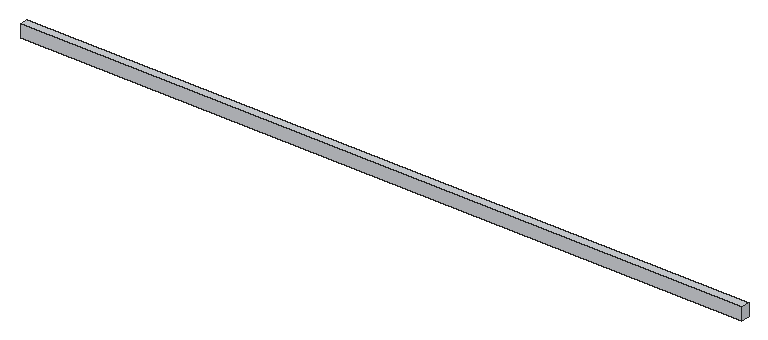
Revit family "LUMINOUS MONOCROMATICA_NF1217_UU_N", category Luminarias, Revit 2019
Family settings
  Cota de conector redondo = Diámetro de uso
  Tipo de pieza = Normal
  Se basa en plano de trabajo = Sí
  Siempre vertical = No
  Corte con vacíos al cargar = No
  Origen de luz = Sí
  Compartido = No
  Punto de cálculo de habitación = No
Parameters (values of type "LUMINOUS_NF1217N")
  Zone [instance] = ""
  Watt per fixture [instance] = (Longitud / 1000 mm) * (10.6)  # 10.6
  Wattage = 10.6 W
  built-in parameter 1150107 = 4000 (stored number, unit not read)
  Light Source Symbol Size = 609.6 mm
  built-in parameter 1150110 = 1 (stored number, unit not read)
  built-in parameter 1150109 = 1 (stored number, unit not read)
  built-in parameter 1150112 = 1 (stored number, unit not read)
  built-in parameter 1150113 = 1 (stored number, unit not read)
  built-in parameter 1114218 = 1 (stored number, unit not read)
  built-in parameter 1150137 = (empty or 0)
  built-in parameter 1150132 = (empty or 0)
  Modelo Lampara = "2835 SMD"
  Modelo = "NF1217N"
  Marca = "BRILLANT"
  Longitud de línea de emisión = 600 mm
  Longitud [instance] = 1000 mm
  built-in parameter 1150105 = 175.45 (stored number, unit not read)
  built-in parameter 1150102 = (empty or 0)
  built-in parameter 1150106 = 1.7545 (stored number, unit not read)
  Lumens = 551.2 lm
  Color Filter = 16777215
  built-in parameter 1114217 = 1 (stored number, unit not read)
  built-in parameter 1150139 = (empty or 0)
  Fabricante = "BRILLANT"
  Default Elevation = 0 mm
  built-in parameter 1150104 = 4.831 (stored number, unit not read)
  Descripción = "MANGUERA LUMINOSA DE SILICONA AMBIENTAL CON UNA POTENCIA DE 10.6W/M, USO PARA EXTERIORES IP67, IRC 80, IK 08, TEMPERATURA EN BLANCO FRIO 4000K, 520 LUMENES/M, PRESENTACION DE 5-10M, CORTE 5CM, ALIMENTADO A 24V, REQUIERE ACCESORIOS."
  built-in parameter 1150115 = 1 (stored number, unit not read)
  built-in parameter 1150114 = 1 (stored number, unit not read)
  Comentarios de vataje = "24"
  built-in parameter 1150138 = (empty or 0)
  built-in parameter 1150134 = 12
  Circuit [instance] = ""
  Dimming Lamp Color Temperature Shift = (empty or 0)
  built-in parameter 1150133 = 10 (stored number, unit not read)
Types (2, lengths in mm): name | built-in parameter 1150107 | Modelo | built-in parameter 1150105 | built-in parameter 1150106 | Lumens | built-in parameter 1150104 | Descripción | built-in parameter 1150134
  LUMINOUS_NF1217UU | 2300 (stored number, unit not read) | "NF1217UU" | 172.08 (stored number, unit not read) | 1.7208 (stored number, unit not read) | 540.6 lm | 4.7381 (stored number, unit not read) | "MANGUERA LUMINOSA DE SILICONA AMBIENTAL CON UNA POTENCIA DE 10.6W/M, USO PARA EXTERIORES IP67, IRC 80, IK 08, TEMPERATURA EN BLANCO ULTRA CALIDO 2300K, 510 LUMENES/M, PRESENTACION DE 5-10M, CORTE 5CM, ALIMENTADO A 24V, REQUIERE ACCESORIOS." | (empty or 0)
  LUMINOUS_NF1217N | 4000 (stored number, unit not read) | "NF1217N" | 175.45 (stored number, unit not read) | 1.7545 (stored number, unit not read) | 551.2 lm | 4.831 (stored number, unit not read) | "MANGUERA LUMINOSA DE SILICONA AMBIENTAL CON UNA POTENCIA DE 10.6W/M, USO PARA EXTERIORES IP67, IRC 80, IK 08, TEMPERATURA EN BLANCO FRIO 4000K, 520 LUMENES/M, PRESENTACION DE 5-10M, CORTE 5CM, ALIMENTADO A 24V, REQUIERE ACCESORIOS." | 12
Reference planes
  plane 1 "Centro (Frontal/Posterior)": y = 0
  plane 2: z = 0
  plane 3 "Centro (Izquierda/Derecha)": x = 0
  plane 4 "IZQ": x = -1000
  plane 5: z = 17
Forms (mm)
  Extrusion 1, solid
    sketch origin (0, 0, 0) x (1, 0, 0) y (0, 1, 0)
      loop
        line (-1000, 6) -> (-1000, -6) -> (0, -6) -> (0, 6) -> (-1000, 6)
    from 0 to 17
Dimensions and locks
  plane 5 to imposter light = 17 mm
  "Longitud": plane 4 "IZQ" to plane 3 "Centro (Izquierda/Derecha)"
  aligned and locked: level to plane 2
  aligned and locked: plane 4 "IZQ" to Extrusion 1
  aligned and locked: plane 5 to Extrusion 1
  aligned and locked: plane 3 "Centro (Izquierda/Derecha)" to Extrusion 1
Automatic sketch dimensions
  Extrusion 1 sketch curve to plane 4 "IZQ" = 0 mm
  Extrusion 1 sketch curve to plane 3 "Centro (Izquierda/Derecha)" = 0 mm
  plane 1 "Centro (Frontal/Posterior)" to Extrusion 1 sketch curve = 6 mm
  Extrusion 1 sketch curve to plane 1 "Centro (Frontal/Posterior)" = 6 mm
Connectors
  electrical at (0, 0, 8.5)
    settings: on Extrusion 1, index 1, voltage 24 V, apparent load 0 VA, apparent load phase1 0 VA, apparent load phase2 0 VA, apparent load phase3 0 VA, power factor 1, load classification "Otro", number of poles 1, system type 31, power factor state 1, is connector primary yes, connector utility no, sub classification motor no, connector description ""
